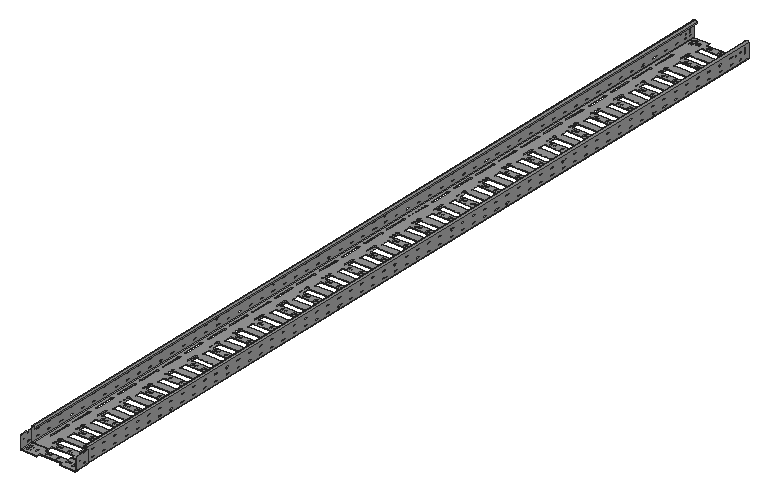
Revit family "MKSM Magic Kabelrinne 1 mm- MKSM 620 FT,FS", category Generic Models, Revit 2017 (continued)
Dimensions and locks
    trusion 154, Extrusion 155, Extrusion 156, Extrusion 157, Extrusion 158, Extrusion 159, Extrusion 160, Extrusion 161, Extrusion 162, Extrusion 163, Extrusion 164, Extrusion 165, Extrusion 166, Extrusion 167, Extrusion 168, Extrusion 169, Extrusion 170, Extrusion 171, Extrusion 172, Extrusion 173, Extrusion 174, Extrusion 175, Extrusion 176, Extrusion 177, Extrusion 178, Extrusion 179, Extrusion 180, Extrusion 181, Extrusion 182, Extrusion 183, Extrusion 184, Extrusion 185, Extrusion 186, Extrusion 187, Extrusion 188, Extrusion 189, Extrusion 190, Extrusion 191, Extrusion 192, Extrusion 193, Extrusion 194, Extrusion 195, Extrusion 196, Extrusion 197, Extrusion 198, Extrusion 199, Extrusion 200, Extrusion 201, Extrusion 202, Extrusion 203, Extrusion 204, Extrusion 205, Extrusion 206, Extrusion 207, Extrusion 208, Extrusion 209, Extrusion 210, Extrusion 211, Extrusion 212, Extrusion 213, Extrusion 214, Extrusion 215, Extrusion 216, Extrusion 217, Extrusion 218, Extrusion 219, Extrusion 220, Extrusion 221, Extrusion 222, Extrusion 223, Extrusion 224, Extrusion 225, Extrusion 226, Extrusion 227, Extrusion 228, Extrusion 229, Extrusion 230, Extrusion 231, Extrusion 232, Extrusion 233, Extrusion 234, Extrusion 235, Extrusion 236, Extrusion 237, Extrusion 238, Extrusion 239, Extrusion 240, Extrusion 241, Extrusion 242, Extrusion 243, Extrusion 244, Extrusion 245, Extrusion 246, Extrusion 247, Extrusion 248, Extrusion 249, Extrusion 250, Extrusion 251, Extrusion 253, Extrusion 254, Extrusion 255, Extrusion 256, Extrusion 257, Extrusion 258, Extrusion 259, Extrusion 260, Extrusion 261, Extrusion 262, Extrusion 267, Extrusion 268, Extrusion 269, Extrusion 270, Extrusion 271, Extrusion 272, Extrusion 273, Extrusion 274, Extrusion 275, Extrusion 276, Extrusion 277, Extrusion 278, Extrusion 279, Extrusion 280, Extrusion 281, Extrusion 282, Extrusion 283, Extrusion 284, Extrusion 285, Extrusion 286, Extrusion 287, Extrusion 288, Extrusion 289, Extrusion 290, Extrusion 291, Extrusion 292, Extrusion 293, Extrusion 294, Extrusion 295, Extrusion 296, Extrusion 297, Extrusion 298, Extrusion 299, Extrusion 300, Extrusion 301, Extrusion 302, Extrusion 303, Extrusion 304, Extrusion 305, Extrusion 306, Extrusion 307, Extrusion 308, Extrusion 309, Extrusion 310, Extrusion 311, Extrusion 312, Extrusion 313, Extrusion 314, Extrusion 315, Extrusion 316, Extrusion 317, Extrusion 318, Extrusion 319, Extrusion 320, Extrusion 321, Extrusion 322, Extrusion 323, Extrusion 324, Extrusion 325, Extrusion 326, Extrusion 327, Extrusion 328, Extrusion 329, Extrusion 330, Extrusion 331, Extrusion 332, Extrusion 333, Extrusion 334, Extrusion 335, Extrusion 336, Extrusion 337, Extrusion 338, Extrusion 339, Extrusion 340, Extrusion 341, Extrusion 342, Extrusion 343, Extrusion 344, Extrusion 345, Extrusion 346, Extrusion 347, Extrusion 348, Extrusion 349, Extrusion 350, Extrusion 351, Extrusion 352, Extrusion 353, Extrusion 354, Extrusion 355, Extrusion 356, Extrusion 357, Extrusion 358, Extrusion 359, Extrusion 360, Extrusion 361, Extrusion 362, Extrusion 363, Extrusion 364, Extrusion 365, Extrusion 366, Extrusion 367, Extrusion 368, Extrusion 369, Extrusion 370, Extrusion 371, Extrusion 372, Extrusion 373, Extrusion 374, Extrusion 375, Extrusion 376, Extrusion 377, Extrusion 378, Extrusion 379, Extrusion 380, Extrusion 381, Extrusion 382, Extrusion 383, Extrusion 384, Extrusion 385, Extrusion 386, Extrusion 387, Extrusion 388, Extrusion 389, Extrusion 390, Extrusion 391, Extrusion 392, Extrusion 393, Extrusion 394, Extrusion 395, Extrusion 396, Extrusion 397, Extrusion 398, Extrusion 399, Extrusion 400, Extrusion 401, Extrusion 402, Extrusion 403, Extrusion 404, Extrusion 405, Extrusion 406, Extrusion 407, Extrusion 408, Extrusion 409, Extrusion 410, Extrusion 411, Extrusion 412, Extrusion 413, Extrusion 414 = 50.85 mm
  locked: cut or joined group 1 (Extrusion 1, Extrusion 8, Extrusion 13, Extrusion 14, Extrusion 15, Extrusion 16, Extrusion 17, Extrusion 18, Extrusion 19, Extrusion 20, Extrusion 21, Extrusion 22, Extrusion 23, Extrusion 24, Extrusion 25, Extrusion 26, Extrusion 27, Extrusion 28, Extrusion 29, Extrusion 30, Extrusion 31, Extrusion 32, Extrusion 33, Extrusion 34, Extrusion 35, Extrusion 36, Extrusion 37, Extrusion 38, Extrusion 39, Extrusion 40, Extrusion 41, Extrusion 42, Extrusion 43, Extrusion 44, Extrusion 45, Extrusion 46, Extrusion 47, Extrusion 48, Extrusion 49, Extrusion 50, Extrusion 51, Extrusion 52, Extrusion 53, Extrusion 54, Extrusion 55, Extrusion 56, Extrusion 57, Extrusion 58, Extrusion 59, Extrusion 60, Extrusion 61, Extrusion 62, Extrusion 63, Extrusion 64, Extrusion 65, Extrusion 66, Extrusion 67, Extrusion 68, Extrusion 69, Extrusion 70, Extrusion 71, Extrusion 72, Extrusion 73, Extrusion 74, Extrusion 75, Extrusion 76, Extrusion 77, Extrusion 78, Extrusion 79, Extrusion 80, Extrusion 81, Extrusion 82, Extrusion 83, Extrusion 84, Extrusion 85, Extrusion 86, Extrusion 87, Extrusion 88, Extrusion 89, Extrusion 90, Extrusion 91, Extrusion 92, Extrusion 93, Extrusion 94, Extrusion 95, Extrusion 96, Extrusion 97, Extrusion 98, Extrusion 99, Extrusion 100, Extrusion 101, Extrusion 102, Extrusion 103, Extrusion 104, Extrusion 105, Extrusion 106, Extrusion 107, Extrusion 108, Extrusion 109, Extrusion 110, Extrusion 111, Extrusion 112, Extrusion 113, Extrusion 114, Extrusion 115, Extrusion 116, Extrusion 117, Extrusion 118, Extrusion 119, Extrusion 120, Extrusion 121, Extrusion 122, Extrusion 123, Extrusion 124, Extrusion 125, Extrusion 126, Extrusion 127, Extrusion 128, Extrusion 129, Extrusion 130, Extrusion 131, Extrusion 132, Extrusion 133, Extrusion 134, Extrusion 135, Extrusion 136, Extrusion 137, Extrusion 138, Extrusion 139, Extrusion 140, Extrusion 141, Extrusion 142, Extrusion 143, Extrusion 144, Extrusion 145, Extrusion 146, Extrusion 147, Extrusion 148, Extrusion 149, Extrusion 150, Extrusion 151, Extrusion 152, Extrusion 153, Extrusion 154, Extrusion 155, Extrusion 156, Extrusion 157, Extrusion 158, Extrusion 159, Extrusion 160, Extrusion 161, Extrusion 162, Extrusion 163, Extrusion 164, Extrusion 165, Extrusion 166, Extrusion 167, Extrusion 168, Extrusion 169, Extrusion 170, Extrusion 171, Extrusion 172, Extrusion 173, Extrusion 174, Extrusion 175, Extrusion 176, Extrusion 177, Extrusion 178, Extrusion 179, Extrusion 180, Extrusion 181, Extrusion 182, Extrusion 183, Extrusion 184, Extrusion 185, Extrusion 186, Extrusion 187, Extrusion 188, Extrusion 189, Extrusion 190, Extrusion 191, Extrusion 192, Extrusion 193, Extrusion 194, Extrusion 195, Extrusion 196, Extrusion 197, Extrusion 198, Extrusion 199, Extrusion 200, Extrusion 201, Extrusion 202, Extrusion 203, Extrusion 204, Extrusion 205, Extrusion 206, Extrusion 207, Extrusion 208, Extrusion 209, Extrusion 210, Extrusion 211, Extrusion 212, Extrusion 213, Extrusion 214, Extrusion 215, Extrusion 216, Extrusion 217, Extrusion 218, Extrusion 219, Extrusion 220, Extrusion 221, Extrusion 222, Extrusion 223, Extrusion 224, Extrusion 225, Extrusion 226, Extrusion 227, Extrusion 228, Extrusion 229, Extrusion 230, Extrusion 231, Extrusion 232, Extrusion 233, Extrusion 234, Extrusion 235, Extrusion 236, Extrusion 237, Extrusion 238, Extrusion 239, Extrusion 240, Extrusion 241, Extrusion 242, Extrusion 243, Extrusion 244, Extrusion 245, Extrusion 246, Extrusion 247, Extrusion 248, Extrusion 249, Extrusion 250, Extrusion 251, Extrusion 253, Extrusion 254, Extrusion 255, Extrusion 256, Extrusion 257, Extrusion 258, Extrusion 259, Extrusion 260, Extrusion 261, Extrusion 262, Extrusion 267, Extrusion 268, Extrusion 269, Extrusion 270, Extrusion 271, Extrusion 272, Extrusion 273, Extrusion 274, Extrusion 275, Extrusion 276, Extrusion 277, Extrusion 278, Extrusion 279, Extrusion 280, Extrusion 281, Extrusion 282, Extrusion 283, Extrusion 284, Extrusion 285, Extrusion 286, Extrusion 287, Extrusion 288, Extrusion 289, Extrusion 290, Extrusion 291, Extrusion 292, Extrusion 293, Extrusion 294, Extrusion 295, Extrusion 296, Extrusion 297, Extrusion 298, Extrusion 299, Extrusion 300, Extrusion 301, Extrusion 302, Extrusion 303, Extrusion 304, Extrusion 305, Extrusion 306, Extrusion 307, Extrusion 308, Extrusion 309, Extrusion 310, Extrusion 311, Extrusion 312, Extrusion 313, Extrusion 314, Extrusion 315, Extrusion 316, Extrusion 317, Extrusion 318, Extrusion 319, Extrusion 320, Extrusion 321, Extrusion 322, Extrusion 323, Extrusion 324, Extrusion 325, Extrusion 326, Extrusion 327, Extrusion 328, Extrusion 329, Extrusion 330, Extrusion 331, Extrusion 332, Extrusion 333, Extrusion 334, Extrusion 335, Extrusion 336, Extrusion 337, Extrusion 338, Extrusion 339, Extrusion 340, Extrusion 341, Extrusion 342, Extrusion 343, Extrusion 344, Extrusion 345, Extrusion 346, Extrusion 347, Extrusion 348, Extrusion 349, Extrusion 350, Extrusion 351, Extrusion 352, Extrusion 353, Extrusion 354, Extrusion 355, Extrusion 356, Extrusion 357, Extrusion 358, Extrusion 359, Extrusion 360, Extrusion 361, Extrusion 362, Extrusion 363, Extrusion 364, Extrusion 365, Extrusion 366, Extrusion 367, Extrusion 368, Extrusion 369, Extrusion 370, Extrusion 371, Extrusion 372, Extrusion 373, Extrusion 374, Extrusion 375, Extrusion 376, Extrusion 377, Extrusion 378, Extrusion 379, Extrusion 380, Extrusion 381, Extrusion 382, Extrusion 383, Extrusion 384, Extrusion 385, Extrusion 386, Extrusion 387, Extrusion 388, Extrusion 389, Extrusion 390, Extrusion 391, Extrusion 392, Extrusion 393, Extrusion 394, Extrusion 395, Extrusion 396, Extrusion 397, Extrusion 398, Extrusion 399, Extrusion 400, Extrusion 401, Extrusion 402, Extrusion 403, Extrusion 404, Extrusion 405, Extrusion 406, Extrusion 407, Extrusion 408, Extrusion 409, Extrusion 410, Extrusion 411, Extrusion 412, Extrusion 413, Extrusion 414) to cut or joined group 2 (Extrusion 1, Extrusion 8, Extrusion 13, Extrusion 14, Extrusion 15, Extrusion 16, Extrusion 17, Extrusion 18, Extrusion 19, Extrusion 20, Extrusion 21, Extrusion 22, Extrusion 23, Extrusion 24, Extrusion 25, Extrusion 26, Extrusion 27, Extrusion 28, Extrusion 29, Extrusion 30, Extrusion 31, Extrusion 32, Extrusion 33, Extrusion 34, Extrusion 35, Extrusion 36, Extrusion 37, Extrusion 38, Extrusion 39, Extrusion 40, Extrusion 41, Extrusion 42, Extrusion 43, Extrusion 44, Extrusion 45, Extrusion 46, Extrusion 47, Extrusion 48, Extrusion 49, Extrusion 50, Extrusion 51, Extrusion 52, Extrusion 53, Extrusion 54, Extrusion 55, Extrusion 56, Extrusion 57, Extrusion 58, Extrusion 59, Extrusion 60, Extrusion 61, Extrusion 62, Extrusion 63, Extrusion 64, Extrusion 65, Extrusion 66, Extrusion 67, Extrusion 68, Extrusion 69, Extrusion 70, Extrusion 71, Extrusion 72, Extrusion 73, Extrusion 74, Extrusion 75, Extrusion 76, Extrusion 77, Extrusion 78, Extrusion 79, Extrusion 80, Extrusion 81, Extrusion 82, Extrusion 83, Extrusion 84, Extrusion 85, Extrusion 86, Extrusion 87, Extrusion 88, Extrusion 89, Extrusion 90, Extrusion 91, Extrusion 92, Extrusion 93, Extrusion 94, Extrusion 95, Extrusion 96, Extrusion 97, Extrusion 98, Extrusion 99, Extrusion 100, Extrusion 101, Extrusion 102, Extrusion 103, Extrusion 104, Extrusion 105, Extrusion 106, Extrusion 107, Extrusion 108, Extrusion 109, Extrusion 110, Extrusion 111, Extrusion 112, Extrusion 113, Extrusion 114, Extrusion 115, Extrusion 116, Extrusion 117, Extrusion 118, Extrusion 119, Extrusion 120, Extrusion 121, Extrusion 122, Extrusion 123, Extrusion 124, Extrusion 125, Extrusion 126, Extrusion 127, Extrusion 128, Extrusion 129, Extrusion 130, Extrusion 131, Extrusion 132, Extrusion 133, Extrusion 134, Extrusion 135, Extrusion 136, Extrusion 137, Extrusion 138, Extrusion 139, Extrusion 140, Extrusion 141, Extrusion 142, Extrusion 143, Extrusion 144, Extrusion 145, Extrusion 146, Extrusion 147, Extrusion 148, Extrusion 149, Extrusion 150, Extrusion 151, Extrusion 152), Extrusion
     153, Extrusion 154, Extrusion 155, Extrusion 156, Extrusion 157, Extrusion 158, Extrusion 159, Extrusion 160, Extrusion 161, Extrusion 162, Extrusion 163, Extrusion 164, Extrusion 165, Extrusion 166, Extrusion 167, Extrusion 168, Extrusion 169, Extrusion 170, Extrusion 171, Extrusion 172, Extrusion 173, Extrusion 174, Extrusion 175, Extrusion 176, Extrusion 177, Extrusion 178, Extrusion 179, Extrusion 180, Extrusion 181, Extrusion 182, Extrusion 183, Extrusion 184, Extrusion 185, Extrusion 186, Extrusion 187, Extrusion 188, Extrusion 189, Extrusion 190, Extrusion 191, Extrusion 192, Extrusion 193, Extrusion 194, Extrusion 195, Extrusion 196, Extrusion 197, Extrusion 198, Extrusion 199, Extrusion 200, Extrusion 201, Extrusion 202, Extrusion 203, Extrusion 204, Extrusion 205, Extrusion 206, Extrusion 207, Extrusion 208, Extrusion 209, Extrusion 210, Extrusion 211, Extrusion 212, Extrusion 213, Extrusion 214, Extrusion 215, Extrusion 216, Extrusion 217, Extrusion 218, Extrusion 219, Extrusion 220, Extrusion 221, Extrusion 222, Extrusion 223, Extrusion 224, Extrusion 225, Extrusion 226, Extrusion 227, Extrusion 228, Extrusion 229, Extrusion 230, Extrusion 231, Extrusion 232, Extrusion 233, Extrusion 234, Extrusion 235, Extrusion 236, Extrusion 237, Extrusion 238, Extrusion 239, Extrusion 240, Extrusion 241, Extrusion 242, Extrusion 243, Extrusion 244, Extrusion 245, Extrusion 246, Extrusion 247, Extrusion 248, Extrusion 249, Extrusion 250, Extrusion 251, Extrusion 253, Extrusion 254, Extrusion 255, Extrusion 256, Extrusion 257, Extrusion 258, Extrusion 259, Extrusion 260, Extrusion 261, Extrusion 262, Extrusion 267, Extrusion 268, Extrusion 269, Extrusion 270, Extrusion 271, Extrusion 272, Extrusion 273, Extrusion 274, Extrusion 275, Extrusion 276, Extrusion 277, Extrusion 278, Extrusion 279, Extrusion 280, Extrusion 281, Extrusion 282, Extrusion 283, Extrusion 284, Extrusion 285, Extrusion 286, Extrusion 287, Extrusion 288, Extrusion 289, Extrusion 290, Extrusion 291, Extrusion 292, Extrusion 293, Extrusion 294, Extrusion 295, Extrusion 296, Extrusion 297, Extrusion 298, Extrusion 299, Extrusion 300, Extrusion 301, Extrusion 302, Extrusion 303, Extrusion 304, Extrusion 305, Extrusion 306, Extrusion 307, Extrusion 308, Extrusion 309, Extrusion 310, Extrusion 311, Extrusion 312, Extrusion 313, Extrusion 314, Extrusion 315, Extrusion 316, Extrusion 317, Extrusion 318, Extrusion 319, Extrusion 320, Extrusion 321, Extrusion 322, Extrusion 323, Extrusion 324, Extrusion 325, Extrusion 326, Extrusion 327, Extrusion 328, Extrusion 329, Extrusion 330, Extrusion 331, Extrusion 332, Extrusion 333, Extrusion 334, Extrusion 335, Extrusion 336, Extrusion 337, Extrusion 338, Extrusion 339, Extrusion 340, Extrusion 341, Extrusion 342, Extrusion 343, Extrusion 344, Extrusion 345, Extrusion 346, Extrusion 347, Extrusion 348, Extrusion 349, Extrusion 350, Extrusion 351, Extrusion 352, Extrusion 353, Extrusion 354, Extrusion 355, Extrusion 356, Extrusion 357, Extrusion 358, Extrusion 359, Extrusion 360, Extrusion 361, Extrusion 362, Extrusion 363, Extrusion 364, Extrusion 365, Extrusion 366, Extrusion 367, Extrusion 368, Extrusion 369, Extrusion 370, Extrusion 371, Extrusion 372, Extrusion 373, Extrusion 374, Extrusion 375, Extrusion 376, Extrusion 377, Extrusion 378, Extrusion 379, Extrusion 380, Extrusion 381, Extrusion 382, Extrusion 383, Extrusion 384, Extrusion 385, Extrusion 386, Extrusion 387, Extrusion 388, Extrusion 389, Extrusion 390, Extrusion 391, Extrusion 392, Extrusion 393, Extrusion 394, Extrusion 395, Extrusion 396, Extrusion 397, Extrusion 398, Extrusion 399, Extrusion 400, Extrusion 401, Extrusion 402, Extrusion 403, Extrusion 404, Extrusion 405, Extrusion 406, Extrusion 407, Extrusion 408, Extrusion 409, Extrusion 410, Extrusion 411, Extrusion 412, Extrusion 413, Extrusion 414 at 6.7
  locked: cut or joined group 1 to cut or joined group 2, Extrusion
     153, Extrusion 154, Extrusion 155, Extrusion 156, Extrusion 157, Extrusion 158, Extrusion 159, Extrusion 160, Extrusion 161, Extrusion 162, Extrusion 163, Extrusion 164, Extrusion 165, Extrusion 166, Extrusion 167, Extrusion 168, Extrusion 169, Extrusion 170, Extrusion 171, Extrusion 172, Extrusion 173, Extrusion 174, Extrusion 175, Extrusion 176, Extrusion 177, Extrusion 178, Extrusion 179, Extrusion 180, Extrusion 181, Extrusion 182, Extrusion 183, Extrusion 184, Extrusion 185, Extrusion 186, Extrusion 187, Extrusion 188, Extrusion 189, Extrusion 190, Extrusion 191, Extrusion 192, Extrusion 193, Extrusion 194, Extrusion 195, Extrusion 196, Extrusion 197, Extrusion 198, Extrusion 199, Extrusion 200, Extrusion 201, Extrusion 202, Extrusion 203, Extrusion 204, Extrusion 205, Extrusion 206, Extrusion 207, Extrusion 208, Extrusion 209, Extrusion 210, Extrusion 211, Extrusion 212, Extrusion 213, Extrusion 214, Extrusion 215, Extrusion 216, Extrusion 217, Extrusion 218, Extrusion 219, Extrusion 220, Extrusion 221, Extrusion 222, Extrusion 223, Extrusion 224, Extrusion 225, Extrusion 226, Extrusion 227, Extrusion 228, Extrusion 229, Extrusion 230, Extrusion 231, Extrusion 232, Extrusion 233, Extrusion 234, Extrusion 235, Extrusion 236, Extrusion 237, Extrusion 238, Extrusion 239, Extrusion 240, Extrusion 241, Extrusion 242, Extrusion 243, Extrusion 244, Extrusion 245, Extrusion 246, Extrusion 247, Extrusion 248, Extrusion 249, Extrusion 250, Extrusion 251, Extrusion 253, Extrusion 254, Extrusion 255, Extrusion 256, Extrusion 257, Extrusion 258, Extrusion 259, Extrusion 260, Extrusion 261, Extrusion 262, Extrusion 267, Extrusion 268, Extrusion 269, Extrusion 270, Extrusion 271, Extrusion 272, Extrusion 273, Extrusion 274, Extrusion 275, Extrusion 276, Extrusion 277, Extrusion 278, Extrusion 279, Extrusion 280, Extrusion 281, Extrusion 282, Extrusion 283, Extrusion 284, Extrusion 285, Extrusion 286, Extrusion 287, Extrusion 288, Extrusion 289, Extrusion 290, Extrusion 291, Extrusion 292, Extrusion 293, Extrusion 294, Extrusion 295, Extrusion 296, Extrusion 297, Extrusion 298, Extrusion 299, Extrusion 300, Extrusion 301, Extrusion 302, Extrusion 303, Extrusion 304, Extrusion 305, Extrusion 306, Extrusion 307, Extrusion 308, Extrusion 309, Extrusion 310, Extrusion 311, Extrusion 312, Extrusion 313, Extrusion 314, Extrusion 315, Extrusion 316, Extrusion 317, Extrusion 318, Extrusion 319, Extrusion 320, Extrusion 321, Extrusion 322, Extrusion 323, Extrusion 324, Extrusion 325, Extrusion 326, Extrusion 327, Extrusion 328, Extrusion 329, Extrusion 330, Extrusion 331, Extrusion 332, Extrusion 333, Extrusion 334, Extrusion 335, Extrusion 336, Extrusion 337, Extrusion 338, Extrusion 339, Extrusion 340, Extrusion 341, Extrusion 342, Extrusion 343, Extrusion 344, Extrusion 345, Extrusion 346, Extrusion 347, Extrusion 348, Extrusion 349, Extrusion 350, Extrusion 351, Extrusion 352, Extrusion 353, Extrusion 354, Extrusion 355, Extrusion 356, Extrusion 357, Extrusion 358, Extrusion 359, Extrusion 360, Extrusion 361, Extrusion 362, Extrusion 363, Extrusion 364, Extrusion 365, Extrusion 366, Extrusion 367, Extrusion 368, Extrusion 369, Extrusion 370, Extrusion 371, Extrusion 372, Extrusion 373, Extrusion 374, Extrusion 375, Extrusion 376, Extrusion 377, Extrusion 378, Extrusion 379, Extrusion 380, Extrusion 381, Extrusion 382, Extrusion 383, Extrusion 384, Extrusion 385, Extrusion 386, Extrusion 387, Extrusion 388, Extrusion 389, Extrusion 390, Extrusion 391, Extrusion 392, Extrusion 393, Extrusion 394, Extrusion 395, Extrusion 396, Extrusion 397, Extrusion 398, Extrusion 399, Extrusion 400, Extrusion 401, Extrusion 402, Extrusion 403, Extrusion 404, Extrusion 405, Extrusion 406, Extrusion 407, Extrusion 408, Extrusion 409, Extrusion 410, Extrusion 411, Extrusion 412, Extrusion 413, Extrusion 414 at 22.7
  locked: plane 121 to plane 105 at 20
  locked: plane 105 to plane 122 at 20
  locked: cut or joined group 1 to plane 124 at 27
  locked: cut or joined group 1 to plane 125 at 25.1
  Extrusion 259 sketch curve to plane 125 = 5 mm
  Extrusion 259 sketch curve to plane 125 = 4.981 mm
  plane 126 to plane 122 = 7 mm
  plane 127 to plane 128 = 10.83 mm
  plane 129 to plane 125 = 5 mm
  plane 125 to plane 130 = 5 mm
  plane 125 to Extrusion 260 sketch curve = 5.017 mm
  Extrusion 260 sketch curve to plane 125 = 5 mm  (x2)
  plane 121 to plane 131 = 7 mm
  plane 132 to plane 125 = 5 mm
  plane 125 to plane 133 = 5 mm
  plane 125 to Extrusion 261 sketch curve = 5 mm
  Extrusion 261 sketch curve to plane 125 = 4.981 mm
  plane 136 to plane 125 = 5 mm
  plane 125 to plane 137 = 5 mm
  Extrusion 261 sketch curve to plane 138 = 11.003 mm
  Extrusion 262 sketch curve to plane 125 = 5.017 mm
  plane 125 to Extrusion 262 sketch curve = 5 mm
  plane 140 to Extrusion 262 sketch curve = 11.046 mm
  plane 125 to plane 143 = 5 mm
  plane 105 to plane 144 = 81 mm
  locked: cut or joined group 3 (Extrusion 2, Extrusion 3, Extrusion 4, Extrusion 5, Extrusion 6, Extrusion 7, Extrusion 8, Extrusion 9, Extrusion 10, Extrusion 11, Extrusion 12, Extrusion 252, Extrusion 253) to plane 145 at 3.5
  plane 146 to plane 105 = 81 mm
  locked: cut or joined group 3 to plane 155 at 3.5
  locked: Extrusion 263 to Extrusion 263 at 1  (x2)
  locked: Extrusion 265 to Extrusion 265 at 1  (x2)
  locked: Extrusion 264 to Extrusion 264 at 6.5
  locked: Extrusion 263 to Extrusion 263 at 6.544
  locked: Extrusion 265 to Extrusion 265 at 6.5
  locked: Extrusion 266 to Extrusion 266 at 6.5
  locked: cut or joined group 3 to plane 161 at 127.08
  locked: Extrusion 267 sketch curve to Extrusion 267 sketch curve at 7
  locked: Extrusion 267 sketch curve to Extrusion 267 sketch curve at 18  (x2)
  locked: cut or joined group 1 to plane 3 "Center (Left/Right)" at 11
  locked: Extrusion 268 sketch curve to Extrusion 268 sketch curve at 7
  locked: Extrusion 268 sketch curve to Extrusion 268 sketch curve at 18  (x2)
  group 232 to group 233 = 0 mm  (x2)
  group 232 to group 233 = 101.662 mm
  locked: Extrusion 269 sketch curve to Extrusion 269 sketch curve at 7
  locked: Extrusion 269 sketch curve to Extrusion 269 sketch curve at 18  (x2)
  equal spacing: group 233, group 234, group 235, group 236, group 237, group 238, group 239, group 240, group 241, group 242, group 243, group 244, group 245, group 246, group 247, group 248, group 249, group 250, group 251, group 252, group 253, group 254, group 255, group 256, group 257, group 258, group 259, group 260  (x3)
  locked: Extrusion 270 sketch curve to Extrusion 270 sketch curve at 7
  locked: Extrusion 270 sketch curve to Extrusion 270 sketch curve at 18  (x2)
  locked: Extrusion 271 sketch curve to Extrusion 271 sketch curve at 7
  locked: Extrusion 271 sketch curve to Extrusion 271 sketch curve at 18  (x2)
  locked: Extrusion 272 sketch curve to Extrusion 272 sketch curve at 7
  locked: Extrusion 272 sketch curve to Extrusion 272 sketch curve at 18  (x2)
  locked: Extrusion 273 sketch curve to Extrusion 273 sketch curve at 7
  locked: Extrusion 273 sketch curve to Extrusion 273 sketch curve at 18  (x2)
  locked: Extrusion 274 sketch curve to Extrusion 274 sketch curve at 7
  locked: Extrusion 274 sketch curve to Extrusion 274 sketch curve at 18  (x2)
  locked: Extrusion 275 sketch curve to Extrusion 275 sketch curve at 7
  locked: Extrusion 275 sketch curve to Extrusion 275 sketch curve at 18  (x2)
  locked: Extrusion 276 sketch curve to Extrusion 276 sketch curve at 7
  locked: Extrusion 276 sketch curve to Extrusion 276 sketch curve at 18  (x2)
  locked: Extrusion 277 sketch curve to Extrusion 277 sketch curve at 7
  locked: Extrusion 277 sketch curve to Extrusion 277 sketch curve at 18  (x2)
  locked: Extrusion 278 sketch curve to Extrusion 278 sketch curve at 7
  locked: Extrusion 278 sketch curve to Extrusion 278 sketch curve at 18  (x2)
  locked: Extrusion 279 sketch curve to Extrusion 279 sketch curve at 7
  locked: Extrusion 279 sketch curve to Extrusion 279 sketch curve at 18  (x2)
  locked: Extrusion 280 sketch curve to Extrusion 280 sketch curve at 7
  locked: Extrusion 280 sketch curve to Extrusion 280 sketch curve at 18  (x2)
  locked: Extrusion 281 sketch curve to Extrusion 281 sketch curve at 7
  locked: Extrusion 281 sketch curve to Extrusion 281 sketch curve at 18  (x2)
  locked: Extrusion 282 sketch curve to Extrusion 282 sketch curve at 7
  locked: Extrusion 282 sketch curve to Extrusion 282 sketch curve at 18  (x2)
  locked: Extrusion 283 sketch curve to Extrusion 283 sketch curve at 7
  locked: Extrusion 283 sketch curve to Extrusion 283 sketch curve at 18  (x2)
  locked: Extrusion 284 sketch curve to Extrusion 284 sketch curve at 7
  locked: Extrusion 284 sketch curve to Extrusion 284 sketch curve at 18  (x2)
  locked: Extrusion 285 sketch curve to Extrusion 285 sketch curve at 7
  locked: Extrusion 285 sketch curve to Extrusion 285 sketch curve at 18  (x2)
  locked: Extrusion 286 sketch curve to Extrusion 286 sketch curve at 7
  locked: Extrusion 286 sketch curve to Extrusion 286 sketch curve at 18  (x2)
  locked: Extrusion 287 sketch curve to Extrusion 287 sketch curve at 7
  locked: Extrusion 287 sketch curve to Extrusion 287 sketch curve at 18  (x2)
  locked: Extrusion 288 sketch curve to Extrusion 288 sketch curve at 7
  locked: Extrusion 288 sketch curve to Extrusion 288 sketch curve at 18  (x2)
  locked: Extrusion 289 sketch curve to Extrusion 289 sketch curve at 7
  locked: Extrusion 289 sketch curve to Extrusion 289 sketch curve at 18  (x2)
  locked: Extrusion 290 sketch curve to Extrusion 290 sketch curve at 7
  locked: Extrusion 290 sketch curve to Extrusion 290 sketch curve at 18  (x2)
  locked: Extrusion 291 sketch curve to Extrusion 291 sketch curve at 7
  locked: Extrusion 291 sketch curve to Extrusion 291 sketch curve at 18  (x2)
  locked: Extrusion 292 sketch curve to Extrusion 292 sketch curve at 7
  locked: Extrusion 292 sketch curve to Extrusion 292 sketch curve at 18  (x2)
  locked: Extrusion 293 sketch curve to Extrusion 293 sketch curve at 7
  locked: Extrusion 293 sketch curve to Extrusion 293 sketch curve at 18  (x2)
  locked: Extrusion 294 sketch curve to Extrusion 294 sketch curve at 7
  locked: Extrusion 294 sketch curve to Extrusion 294 sketch curve at 18  (x2)
  locked: Extrusion 295 sketch curve to Extrusion 295 sketch curve at 7
  locked: Extrusion 295 sketch curve to Extrusion 295 sketch curve at 18  (x2)
  locked: cut or joined group 1 to plane 193 at 127.292
  group 261 to group 262 = 0 mm  (x2)
  group 261 to group 262 = 101.737 mm
